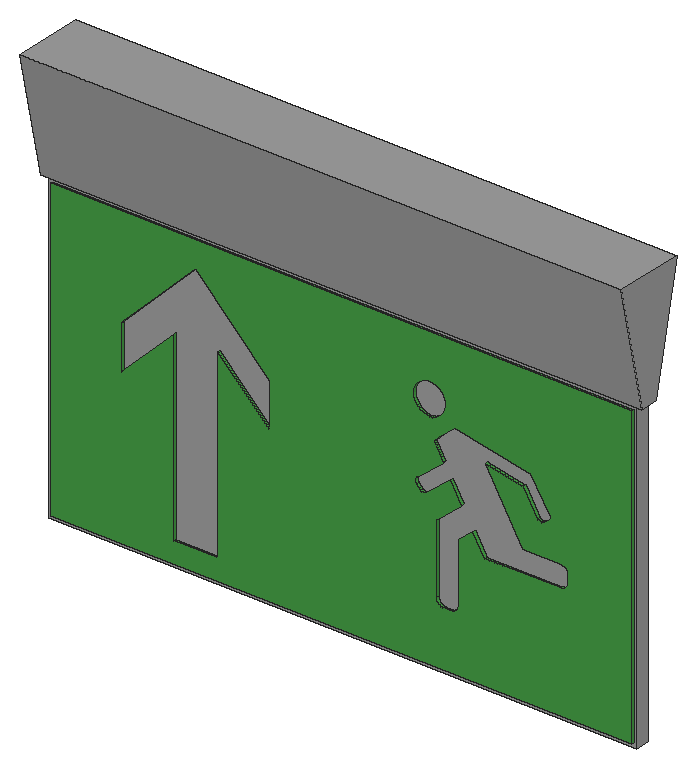
Revit family "ExiLED M ST LED (opp_takmontasje)", category Lighting Fixtures, Revit 2013
Parameters (values of type "44m")
  Width Top = 53 mm
  Width = 10 mm
  Wattage Comments = "17 W"
  Wattage = 9.2903 W
  built-in parameter 1150110 = 1 (stored number, unit not read)
  Voltage = 230 V
  URL = ""
  built-in parameter 1114217 = 1 (stored number, unit not read)
  Tilt Angle = 90.00°
  built-in parameter 1150109 = 1 (stored number, unit not read)
  built-in parameter 1150134 = 3
  Symbol Positive Direction [instance] = yes
  Symbol Offset Side [instance] = 0 mm
  Symbol Offset Out [instance] = 0 mm
  built-in parameter 1150113 = 1 (stored number, unit not read)
  Reference Line Out [instance] = 31.983 mm
  Photometric Web File = "20x42A12.ies"
  Number of Poles = 1
  built-in parameter 1150105 = 109.82 (stored number, unit not read)
  Lumens = 1380 lm
  built-in parameter 1150115 = 1 (stored number, unit not read)
  Load Classification [instance] = Other
  Model = ""
  Manufacturer = ""
  built-in parameter 1150137 = (empty or 0)
  built-in parameter 1150139 = (empty or 0)
  Length = 455 mm
  built-in parameter 1150112 = 1 (stored number, unit not read)
  built-in parameter 1150114 = 1 (stored number, unit not read)
  Lamp = "1"
  built-in parameter 1150132 = (empty or 0)
  built-in parameter 1150102 = (empty or 0)
  built-in parameter 1150107 = 3200 (stored number, unit not read)
  built-in parameter 1150138 = (empty or 0)
  built-in parameter 1150106 = 1.0982 (stored number, unit not read)
  Height 1 = 232 mm
  Height = 322 mm
  built-in parameter 1150127 = Width  # 10 mm
  Emit from Rectangle Length = Length  # 455 mm
  Emit Shape Visible in Rendering = no
  built-in parameter 1150104 = 13.8 (stored number, unit not read)
  Dimming Lamp Color Temperature Shift = <None>
  Description = ""
  Color Filter = 16777215
  Body Material and Colour = Default
  built-in parameter 1114218 = 1 (stored number, unit not read)
  Emit from Rectangle Width = 3048 mm
  Assembly Code = ""
  Apparent Load = 17 VA
  44m = yes
  34m = no
  22m = no
Types (3, lengths in mm): name | Length | Height 1 | Height | Emit from Rectangle Length | 44m | 34m | 22m
  22m | 265 | 132 | 222 | 265 | no | no | yes
  34 m | 365 | 182 | 272 | 365 | no | yes | no
  44m | 455 | 232 | 322 | 455 | yes | no | no
Reference planes
  plane 1 "Light Source Axis (F/B)": y = 119.961
  plane 2 "Top": z = 83
  plane 3 "Light Source Axis (L/R)": x = 0
  plane 4 "Level": z = 0
  plane 5 "Bottom": z = -322
  plane 6: x = -227.5
  plane 7: x = 227.5
  plane 8: y = 124.961
  plane 9: y = 114.961
  plane 10: y = 126.961
  plane 11: y = 112.961
  plane 12: z = -90
  plane 13: y = 146.461
  plane 14: y = 93.461
  plane 15: x = -222.5
  plane 16: x = 222.5
  plane 17: z = -206
Forms (mm)
  Extrusion 1, solid, material "Default" <- "Body Material and Colour"
    sketch origin (0, 0, 0) x (0, 1, 0) y (0, 0, 1)
      loop
        line (124.961, -90) -> (114.961, -90) -> (114.961, -322) -> (124.961, -322) -> (124.961, -90)
    from -222.5 to 222.5
  Extrusion 2, solid, material "Default" <- "Body Material and Colour"
    sketch origin (0, 0, 0) x (0, 1, 0) y (0, 0, 1)
      loop
        line (93.461, 0) -> (112.961, -90) -> (126.961, -90) -> (146.461, 0) -> (93.461, 0)
    from -227.5 to 227.5
Lines and regions (mm)
  model lines, style "InvisibleLines"
    curve 1: line (0, 119.961, 0) -> (0, 151.943, 0)
Dimensions and locks
  "Height": plane 4 "Level" to plane 5 "Bottom"
  equal spacing: plane 6, plane 3 "Light Source Axis (L/R)", plane 7
  "Length": plane 6 to plane 7
  equal spacing: plane 8, plane 1 "Light Source Axis (F/B)", plane 9
  "Width": plane 8 to plane 9
  locked: plane 10 to plane 8 at 2
  locked: plane 9 to plane 11 at 2
  equal spacing: plane 13, plane 1 "Light Source Axis (F/B)", plane 14
  "Width Top": plane 13 to plane 14
  locked: plane 15 to plane 6 at 5
  locked: plane 7 to plane 16 at 5
  "Height 1": plane 12 to plane 5 "Bottom"
  equal spacing: plane 12, plane 17, plane 5 "Bottom"
  "Reference Line Out": plane 1 "Light Source Axis (F/B)" to curve 1
  aligned and locked: plane 4 "Level" to level
  aligned and locked: imposter light to plane 5 "Bottom"
  aligned and locked: plane 9 to Extrusion 1 sketch curve
  aligned and locked: plane 8 to Extrusion 1 sketch curve
  aligned and locked: Extrusion 1 sketch curve to plane 12
  aligned and locked: plane 4 "Level" to Extrusion 2 sketch curve
  aligned and locked: plane 12 to Extrusion 2 sketch curve
  aligned and locked: plane 13 to Extrusion 2 sketch curve
  aligned and locked: plane 14 to Extrusion 2 sketch curve
  aligned and locked: plane 11 to Extrusion 2 sketch curve
  aligned and locked: plane 10 to Extrusion 2 sketch curve
  aligned and locked: Extrusion 2 to plane 6
  aligned and locked: plane 7 to Extrusion 2
  aligned and locked: Extrusion 1 to plane 15
  aligned and locked: Extrusion 1 to plane 16
  aligned and locked: Extrusion 1 to plane 8
  aligned and locked: plane 9 to nested 1
  aligned and locked: plane 17 to nested 1
  aligned and locked: plane 3 "Light Source Axis (L/R)" to nested 1
  aligned and locked: plane 9 to nested 3
  aligned and locked: plane 17 to nested 3
  aligned and locked: nested 3 to plane 3 "Light Source Axis (L/R)"
  aligned and locked: plane 3 "Light Source Axis (L/R)" to nested 4
  aligned and locked: plane 9 to nested 4
  aligned and locked: plane 17 to nested 4
  aligned and locked: plane 8 to nested 5
  aligned and locked: plane 8 to nested 6
  aligned and locked: nested 5 to plane 17
  aligned and locked: nested 6 to plane 17
  aligned and locked: plane 3 "Light Source Axis (L/R)" to nested 7
  aligned and locked: plane 1 "Light Source Axis (F/B)" to nested 7
  aligned and locked: plane 1 "Light Source Axis (F/B)" to curve 1
  aligned and locked: plane 3 "Light Source Axis (L/R)" to curve 1
Automatic sketch dimensions
  Extrusion 1 sketch curve to plane 5 "Bottom" = 0 mm
Nested families
  nested 1: "22m_opp" at (0, 114.961, -206), visible <- "22m", type "22m"
  nested 2: "22m_opp" at (0, 124.961, -156), visible <- "22m", type "22m"
  nested 3: "34m_opp" at (0, 114.961, -206), visible <- "34m", type "34m"
  nested 4: "44m_opp" at (0, 114.961, -206), visible <- "44m", type "44m"
  nested 5: "44m_opp" at (0, 124.961, -206), visible <- "44m", type "44m"
  nested 6: "34m_opp" at (0, 124.961, -206), visible <- "34m", type "34m"
  nested 7: "MarkeringslysTakS" at (0, 119.961, 0), type "Type 1"
Connectors
  electrical at (0, 119.961, 0), driven by "Number of Poles", driven by "Load Classification", driven by "Voltage", driven by "Apparent Load"
    settings: on Extrusion 2, index 1, voltage 230 V, apparent load 0 VA, apparent load phase1 17 VA, apparent load phase2 0 VA, apparent load phase3 0 VA, power factor 1, load classification "Other", number of poles 1, system type 31, power factor state 1, is connector primary yes, connector utility no, sub classification motor no, connector description ""
Definition of nested family "22m_opp"
  Parameters (values of type "22m")
    Material = yes
  Reference planes
    plane 1 "Center (Front/Back)": y = 0
    plane 2: z = 0
    plane 3 "Center (Left/Right)": x = 0
    plane 4: y = -2
  Forms (mm)
    Extrusion 1, solid, material "Green", visible <- "Material"
      sketch origin (0, 0, 0) x (1, 0, 0) y (0, 0, 1)
        loop
          line (-124.5, 63) -> (-124.5, -63) -> (124.5, -63) -> (124.5, 63) -> (-124.5, 63)
        loop
          circle (38.787, 37.911) r 7
        loop
          line (44.52, 25.598) -> (40.87, 21.947) -> (44.963, 14.858) -> (33.34, 5.106)
          arc (33.34, 5.106) -> (32.655, 3.789) -> (33.101, 2.374) r 1.939
          line (33.101, 2.374) -> (34.763, 0.393)
          arc (34.763, 0.393) -> (36.08, -0.292) -> (37.495, 0.154) r 1.939
          line (37.495, 0.154) -> (48.244, 9.174) -> (53.167, 0.649) -> (41.876, -8.825) -> (41.876, -39.679)
          arc (41.876, -39.679) -> (42.823, -41.964) -> (45.108, -42.911) r 3.232
          line (45.108, -42.911) -> (48.339, -42.911)
          arc (48.339, -42.911) -> (50.624, -41.964) -> (51.571, -39.679) r 3.232
          line (51.571, -39.679) -> (51.571, -13.346) -> (58.089, -7.877) -> (63.252, -16.82) -> (96.814, -16.82)
          arc (96.814, -16.82) -> (99.099, -15.873) -> (100.046, -13.588) r 3.232
          line (100.046, -13.588) -> (100.046, -10.356)
          arc (100.046, -10.356) -> (99.099, -8.071) -> (96.814, -7.125) r 3.232
          line (96.814, -7.125) -> (80.044, -7.125) -> (63.768, 21.066) -> (80.585, 17.791) -> (86.643, 7.3)
          arc (86.643, 7.3) -> (87.869, 6.384) -> (89.378, 6.643) r 1.939
          line (89.378, 6.643) -> (91.617, 8.097)
          arc (91.617, 8.097) -> (92.458, 9.32) -> (92.187, 10.78) r 1.939
          line (92.187, 10.78) -> (83.759, 23.758) -> (50.131, 30.306) -> (44.52, 25.598)
        loop
          line (-31.706, 20.589) -> (-61.706, 50.589) -> (-91.706, 20.589) -> (-91.706, 2.589) -> (-70.706, 23.589) -> (-70.706, -51.411) -> (-52.706, -51.411) -> (-52.706, 23.589) -> (-31.706, 2.589) -> (-31.706, 20.589)
      from 0 to 2
  Dimensions and locks
    aligned and locked: level to plane 2
    aligned and locked: plane 4 to Extrusion 1
    aligned and locked: Extrusion 1 to plane 1 "Center (Front/Back)"
    aligned and locked: Extrusion 1 to plane 4
Definition of nested family "34m_opp"
  Parameters (values of type "34m")
    Material = yes
  Reference planes
    plane 1 "Center (Front/Back)": y = 0
    plane 2: z = 0
    plane 3 "Center (Left/Right)": x = 0
    plane 4: y = -2
  Forms (mm)
    Extrusion 1, solid, material "Green", visible <- "Material"
      sketch origin (0, 0, 0) x (1, 0, 0) y (0, 0, 1)
        loop
          line (-177, 88) -> (-177, -88) -> (177, -88) -> (177, 88) -> (-177, 88)
        loop
          circle (59.197, 48.678) r 8.988
        loop
          line (66.559, 32.868) -> (61.872, 28.181) -> (67.127, 19.078) -> (52.204, 6.556)
          arc (52.204, 6.556) -> (51.324, 4.865) -> (51.897, 3.048) r 2.49
          line (51.897, 3.048) -> (54.031, 0.505)
          arc (54.031, 0.505) -> (55.721, -0.375) -> (57.538, 0.198) r 2.49
          line (57.538, 0.198) -> (71.341, 11.78) -> (77.661, 0.833) -> (63.164, -11.332) -> (63.164, -50.949)
          arc (63.164, -50.949) -> (64.379, -53.883) -> (67.313, -55.098) r 4.149
          line (67.313, -55.098) -> (71.463, -55.098)
          arc (71.463, -55.098) -> (74.397, -53.883) -> (75.612, -50.949) r 4.149
          line (75.612, -50.949) -> (75.612, -17.137) -> (83.981, -10.114) -> (90.611, -21.597) -> (133.705, -21.597)
          arc (133.705, -21.597) -> (136.639, -20.381) -> (137.855, -17.447) r 4.149
          line (137.855, -17.447) -> (137.855, -13.298)
          arc (137.855, -13.298) -> (136.639, -10.364) -> (133.705, -9.148) r 4.149
          line (133.705, -9.148) -> (112.172, -9.148) -> (91.274, 27.049) -> (112.867, 22.844) -> (120.645, 9.373)
          arc (120.645, 9.373) -> (122.22, 8.197) -> (124.157, 8.53) r 2.49
          line (124.157, 8.53) -> (127.032, 10.397)
          arc (127.032, 10.397) -> (128.111, 11.967) -> (127.764, 13.841) r 2.49
          line (127.764, 13.841) -> (116.942, 30.506) -> (73.764, 38.913) -> (66.559, 32.868)
        loop
          line (-46.079, 26.908) -> (-88.5, 69.329) -> (-130.921, 26.908) -> (-130.921, 1.456) -> (-101.226, 31.15) -> (-101.226, -74.902) -> (-75.774, -74.902) -> (-75.774, 31.15) -> (-46.079, 1.456) -> (-46.079, 26.908)
      from 0 to 2
  Dimensions and locks
    aligned and locked: level to plane 2
    aligned and locked: plane 4 to Extrusion 1
    aligned and locked: Extrusion 1 to plane 1 "Center (Front/Back)"
    aligned and locked: Extrusion 1 to plane 4
Definition of nested family "44m_opp"
  Parameters (values of type "44m")
    Material = yes
  Reference planes
    plane 1 "Center (Front/Back)": y = 0
    plane 2: z = 0
    plane 3 "Center (Left/Right)": x = 0
    plane 4: y = -2
  Forms (mm)
    Extrusion 1, solid, material "Green", visible <- "Material"
      sketch origin (0, 0, 0) x (1, 0, 0) y (0, 0, 1)
        loop
          line (-220, 113) -> (-220, -113) -> (220, -113) -> (220, 113) -> (-220, 113)
        loop
          circle (67.228, 67.449) r 11.972
        loop
          line (77.034, 46.391) -> (70.791, 40.147) -> (77.791, 28.022) -> (57.913, 11.343)
          arc (57.913, 11.343) -> (56.741, 9.091) -> (57.504, 6.671) r 3.316
          line (57.504, 6.671) -> (60.347, 3.284)
          arc (60.347, 3.284) -> (62.598, 2.112) -> (65.019, 2.875) r 3.316
          line (65.019, 2.875) -> (83.403, 18.301) -> (91.822, 3.72) -> (72.512, -12.483) -> (72.512, -65.252)
          arc (72.512, -65.252) -> (74.13, -69.16) -> (78.039, -70.779) r 5.527
          line (78.039, -70.779) -> (83.566, -70.779)
          arc (83.566, -70.779) -> (87.474, -69.16) -> (89.093, -65.252) r 5.527
          line (89.093, -65.252) -> (89.093, -20.215) -> (100.24, -10.861) -> (109.071, -26.156) -> (166.471, -26.156)
          arc (166.471, -26.156) -> (170.38, -24.537) -> (171.998, -20.629) r 5.527
          line (171.998, -20.629) -> (171.998, -15.102)
          arc (171.998, -15.102) -> (170.38, -11.193) -> (166.471, -9.575) r 5.527
          line (166.471, -9.575) -> (137.79, -9.575) -> (109.954, 38.64) -> (138.715, 33.039) -> (149.075, 15.096)
          arc (149.075, 15.096) -> (151.173, 13.529) -> (153.753, 13.972) r 3.316
          line (153.753, 13.972) -> (157.583, 16.459)
          arc (157.583, 16.459) -> (159.021, 18.551) -> (158.558, 21.047) r 3.316
          line (158.558, 21.047) -> (144.143, 43.244) -> (86.631, 54.443) -> (77.034, 46.391)
        loop
          line (-54.118, 37.314) -> (-110, 93.197) -> (-165.882, 37.314) -> (-165.882, 3.785) -> (-126.765, 42.902) -> (-126.765, -96.803) -> (-93.235, -96.803) -> (-93.235, 42.902) -> (-54.118, 3.785) -> (-54.118, 37.314)
      from 0 to 2
  Dimensions and locks
    aligned and locked: level to plane 2
    aligned and locked: plane 4 to Extrusion 1
    aligned and locked: Extrusion 1 to plane 1 "Center (Front/Back)"
    aligned and locked: Extrusion 1 to plane 4
Definition of nested family "MarkeringslysTakS"
  Parameters (values of type "Type 1")
    CQ Symbol Positive Direction = yes
    CQ Symbol Negative Direction = not(CQ Symbol Positive Direction)  # no
    CQ Symbol Offset Side = 0 mm
    CQ Symbol Offset Out = 0 mm
  Reference planes
    plane 1: y = 0
    plane 2: x = 0
  Dimensions and locks
    "CQ Symbol Offset Out": plane 1 to nested 1
    "CQ Symbol Offset Out": plane 1 to nested 2
    "CQ Symbol Offset Side": plane 2 to nested 2
    "CQ Symbol Offset Side": nested 1 to plane 2
  Nested families
    nested 1: "LedelysSub" at (0, 0, 0), visible <- "CQ Symbol Negative Direction", type "Type 1"
    nested 2: "LedelysSub" at (0, 0, 0), visible <- "CQ Symbol Positive Direction", type "Type 1"
  Definition of nested family "LedelysSub"
    Reference planes
      plane 1: y = 0
      plane 2: x = 0
    Lines and regions (mm)
      Filled region 1, type "Filled region 1"
        outline origin (64.576, 51.459, 0) x (1, 0, 0) y (0, 1, 0)
          loop
            arc (-65.575, -52.307) -> (-65.224, -51.459) -> (-65.575, -50.61) r 1.2
            line (-65.575, -50.61) -> (-66.424, -51.459) -> (-65.575, -52.307)
      Filled region 2, type "Filled region 1"
        outline origin (-68.271, 51.459, 0) x (0, 1, 0) y (-1, 0, 0)
          loop
            line (-52.307, -65.575) -> (-51.459, -66.424) -> (-50.61, -65.575)
            arc (-50.61, -65.575) -> (-51.459, -65.224) -> (-52.307, -65.575) r 1.2
      detail lines
        curve 1: line (-4, -2, 0) -> (4, -2, 0)
        curve 2: line (4, -2, 0) -> (4, 2, 0)
        curve 3: line (4, 2, 0) -> (-4, 2, 0)
        curve 4: line (-4, 2, 0) -> (-4, -2, 0)
        curve 5: line (-3.097, -1.25, 0) -> (-0.597, 1.25, 0)
        curve 6: line (-3.097, 1.25, 0) -> (-0.597, -1.25, 0)
        curve 7: circle (-1.847, 0, 0) r 1.2 normal (0, 0, 1)
    Text (mm)
      text "ML" at (2.179, 1.025, 0)
    Dimensions and locks
      aligned and locked: Filled region 1 sketch curve to curve 7
